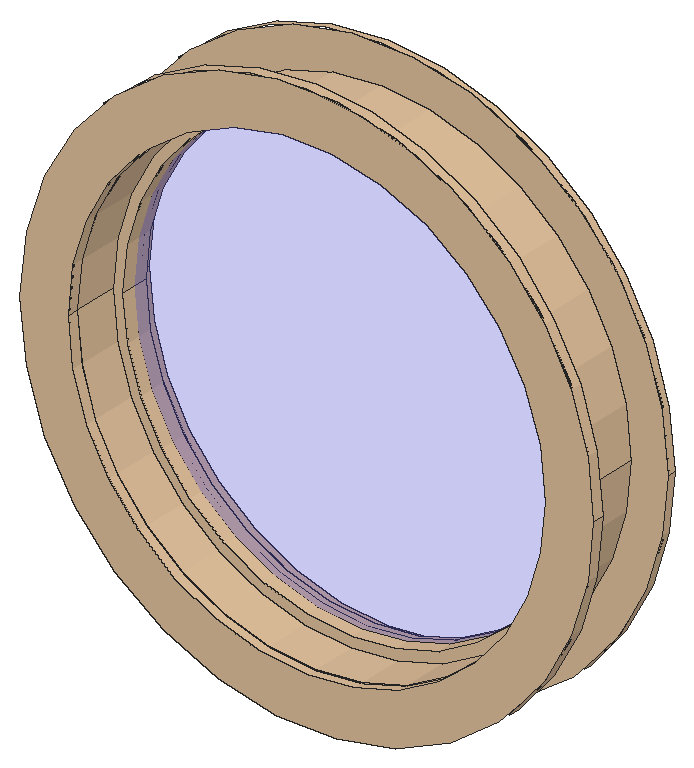
Revit family
Parameters (values of type "0915mm Diameter")
  Glass Pane Material = Glass
  Sash Material = Sash
  Default Sill Height = 762.00 mm
  Trim Exterior Material = Trim
  Trim Interior Material = Trim
  Trim Projection - Ext. = 13.00 mm
  Trim Projection - Int. = 19.00 mm
  Trim Width - Exterior = 89.00 mm
  Trim Width - Interior = 89.00 mm
  Wall Closure = (empty or 0)
  Width = 915.00 mm
  Window Inset = 19.00 mm
Types (5, lengths in mm): name | Default Sill Height | Width
  (no name) | 762.00 | 915.00
  1220mm Diameter | 610.00 | 1220.00
  0915mm Diameter | 762.00 | 915.00
  0610 mm Diameter | 915.00 | 610.00
  1525mm Diameter | 457.00 | 1525.00
Reference planes
  plane 1: y = 0
  plane 2 "Top": z = 1677
  plane 3 "Sill": z = 762
  plane 4: z = 1219.5
  plane 5: x = -457.2
  plane 6: x = 0.3
  plane 7: x = 457.8
  plane 8: x = 438.75
  plane 9: x = 527.75
  plane 10: x = -438.15
  plane 11: x = -527.15
  plane 12 "Closure": y = 31.8
Forms (mm)
  Extrusion 1, solid, material "Trim" <- "Trim Exterior Material"
    sketch origin (0, 0, 0) x (1, 0, 0) y (0, 0, 1)
      loop
        circle (0.3, 1219.5) r 457.5
      loop
        circle (0.3, 1219.5) r 438.45
    from -76.2 to 76.2
  Extrusion 2, solid, material "Sash" <- "Sash Material"
    sketch origin (0, 0, 0) x (1, 0, 0) y (0, 0, 1)
      loop
        circle (0.3, 1219.5) r 438.45
      loop
        circle (0.3, 1219.5) r 419.4
    from -57.2 to -6.4
  Extrusion 3, solid, material "Glass" <- "Glass Pane Material"
    sketch origin (0, 0, 0) x (1, 0, 0) y (0, 0, 1)
      loop
        circle (0.3, 1219.5) r 419.4
    from -44.5 to -31.8
  Extrusion 4, solid, material "Trim" <- "Trim Exterior Material"
    sketch origin (0, 0, 0) x (1, 0, 0) y (0, 0, 1)
      loop
        circle (0.3, 1219.5) r 438.45
      loop
        circle (0.3, 1219.5) r 527.45
    from -89.2 to -76.2
  Extrusion 5, solid, material "Trim" <- "Trim Interior Material"
    sketch origin (0, 0, 0) x (1, 0, 0) y (0, 0, 1)
      loop
        circle (0.3, 1219.5) r 438.45
      loop
        circle (0.3, 1219.5) r 527.45
    from 76.2 to 95.2
Lines and regions (mm)
  Opening 1
    outline origin (-1524, -76.2, 0) x (1, 0, 0) y (0, 0, 1)
      loop
        circle (1524.3, 1219.5) r 457.5
Text (mm)
  text "Exterior" at (0, 1019.848, 3124.603), in view "Right"
  text "Exterior" at (-1787.662, 510.809, 0), in view "Floor Line"
  text "Exterior" at (0, 1206.291, 2968.097), in view "Left"
Dimensions and locks
  equal spacing: plane 2 "Top", plane 4, plane 3 "Sill"
  equal spacing: plane 5, plane 6, plane 7
  "Width": plane 5 to plane 7
  "Width": plane 2 "Top" to plane 3 "Sill"
  "Default Sill Height": plane 3 "Sill" to host wall
  locked: Extrusion 2 to Extrusion 2 at 50.8
  "Window Inset": Extrusion 1 to Extrusion 2
  locked: Extrusion 2 to Extrusion 3 at 12.7
  locked: Extrusion 3 to Extrusion 3 at 12.7
  "Trim Projection - Ext.": Extrusion 4 to Extrusion 4
  "Trim Projection - Int.": Extrusion 5 to Extrusion 5
  locked: plane 8 to plane 7 at 19.05
  "Trim Width - Exterior": plane 8 to plane 9
  locked: plane 5 to plane 10 at 19.05
  "Trim Width - Interior": plane 11 to plane 10
  locked: plane 12 "Closure" to host wall at 44.4
  aligned and locked: host wall to Extrusion 1  (x2)
  aligned and locked: Extrusion 4 to host wall
  aligned and locked: Extrusion 5 to host wall
Automatic sketch dimensions
  Opening 1 sketch curve to plane 4 = 0.00 mm
  Opening 1 sketch curve to plane 5 = 0.00 mm
  Opening 1 sketch curve to plane 6 = 0.00 mm
  Extrusion 1 sketch curve to plane 4 = 0.00 mm  (x2)
  Extrusion 1 sketch curve to plane 5 = 0.00 mm
  Extrusion 1 sketch curve to plane 6 = 0.00 mm  (x2)
  Extrusion 1 sketch curve to Extrusion 1 sketch curve = 19.05 mm
  Extrusion 2 sketch curve to plane 4 = 0.00 mm  (x2)
  Extrusion 2 sketch curve to plane 6 = 0.00 mm  (x2)
  Extrusion 2 sketch curve to plane 5 = 38.10 mm
  Extrusion 2 sketch curve to plane 5 = 19.05 mm
  Extrusion 3 sketch curve to plane 4 = 0.00 mm
  Extrusion 3 sketch curve to plane 6 = 0.00 mm
  Extrusion 3 sketch curve to plane 5 = 38.10 mm
  Extrusion 4 sketch curve to plane 4 = 0.00 mm  (x2)
  Extrusion 4 sketch curve to plane 6 = 0.00 mm  (x3)
  Extrusion 4 sketch curve to plane 8 = 0.00 mm
  Extrusion 4 sketch curve to plane 9 = 0.00 mm
  Extrusion 5 sketch curve to plane 4 = 0.00 mm  (x2)
  Extrusion 5 sketch curve to plane 11 = 0.00 mm  (x2)
  Extrusion 5 sketch curve to plane 10 = 0.00 mm
  Extrusion 5 sketch curve to plane 6 = 0.00 mm  (x2)
